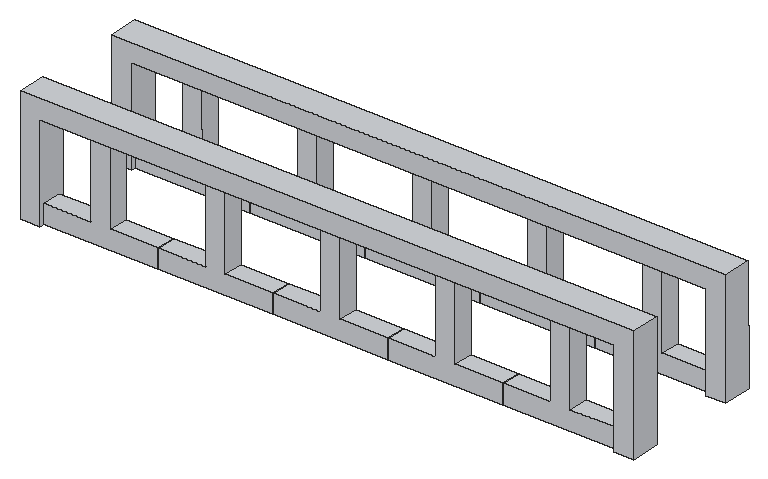
Revit family "NestedFamilyType", category Generic Models, Revit 2012
Parameters
  Number of Segments = 5
  Bracket Type (1=Right, 2=Forward, 3=Backward) = 1
Reference planes (in)
  plane 1 "Center (Front/Back)": y = 0
  plane 2: z = 0
  plane 3 "Center (Left/Right)": x = 0
Dimensions and locks (in)
  locked: nested 1 to nested 2 at 12
  locked: plane 1 "Center (Front/Back)" to nested 2 at 6
  aligned and locked: plane 2 to level
Nested families (in)
  nested 1: "Full Bracket" at (0, -6, 0), type "Full Bracket"
  nested 2: "Full Bracket" at (0, 6, 0), type "Full Bracket"
Definition of nested family "Full Bracket"
  Parameters (values of type "Full Bracket")
    Number of Segments = 5
    Internal Length = Number of Segments * 1' 0"  # 5' - 0"
    BracketType3 = BackwardAngle : BackwardAngle
    BracketType2 = ForwardAngle : ForwardAngle
    BracketType1 = RightAngle : RightAngle
    BracketType = 1
    Bracket Type = if(BracketType = 3, BracketType3, if(BracketType = 2, BracketType2, BracketType1))  # RightAngle : RightAngle
  Reference planes (in)
    plane 1 "Center (Front/Back)": y = 0
    plane 2: z = 0
    plane 3 "Center (Left/Right)": x = 0
    plane 4: x = 60
  Forms (in)
    Extrusion 1, solid
      sketch origin (0, 0, 0) x (1, 0, 0) y (0, 0, 1)
        loop
          line (0, 0) -> (0, 10) -> (60, 10) -> (60, 0) -> (62, 0) -> (62, 12) -> (-2, 12) -> (-2, 0) -> (0, 0)
      from -1.5 to 1.5
  Dimensions and locks (in)
    locked: Extrusion 1 sketch curve to Extrusion 1 sketch curve at 2
    locked: Extrusion 1 sketch curve to nested 1 at 2
    equal spacing: group 1, group 2, group 3, group 4, group 5  (x3)
    "Internal Length": plane 3 "Center (Left/Right)" to plane 4
    aligned and locked: plane 2 to level
    aligned and locked: plane 4 to Extrusion 1 sketch curve
  Automatic sketch dimensions
    Extrusion 1 sketch curve to plane 3 "Center (Left/Right)" = 0' - 0"
    Extrusion 1 sketch curve to level = 0' - 0"  (x2)
    Extrusion 1 sketch curve to Extrusion 1 sketch curve = 0' - 10"
    Extrusion 1 sketch curve to Extrusion 1 sketch curve = 0' - 2"
  Nested families (in)
    nested 1: "RightAngle" at (0, 0, 0), type <- "Bracket Type", type "RightAngle"
    nested 2: "RightAngle" at (12, 0, 0), type <- "Bracket Type", type "RightAngle"
    nested 3: "RightAngle" at (24, 0, 0), type <- "Bracket Type", type "RightAngle"
    nested 4: "RightAngle" at (36, 0, 0), type <- "Bracket Type", type "RightAngle"
    nested 5: "RightAngle" at (48, 0, 0), type <- "Bracket Type", type "RightAngle"
  Definition of nested family "RightAngle"
    Reference planes (in)
      plane 1 "Center (Front/Back)": y = 0
      plane 2: z = 0
      plane 3 "Center (Left/Right)": x = 0
    Forms (in)
      Extrusion 1, solid
        sketch origin (0, 0, 0) x (1, 0, 0) y (0, 0, 1)
          loop
            line (0, 0) -> (12, 0) -> (12, 2) -> (7, 2) -> (7, 10) -> (5, 10) -> (5, 2) -> (0, 2) -> (0, 0)
        from -1 to 1
    Dimensions and locks (in)
      aligned and locked: plane 2 to level
